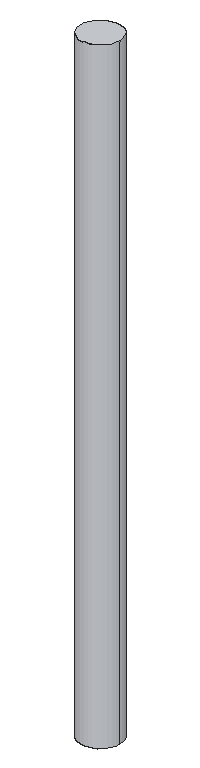
Revit family "3191c04fad4c4b8d84ebfbfdb5eefda5", category Balusters, Revit 2021
Family settings
  OmniClass Number = 23.30.80.11.11.14
  OmniClass Title = Posts, Newel Posts, Pickets
  Seek Item ID = Post - Round-0000-USA-ENU
  Always vertical = Yes
  Cut with Voids When Loaded = No
  Shared = No
Parameters (values of type "2 1/4"")
  built-in parameter 1008623 [instance] = (empty or 0)
  built-in parameter 1008625 [instance] = (empty or 0)
  Radius = Width / 2  # 0' - 1 1/8"
  Post Material = none
  Width = 0' - 2 1/4"
  Post = yes
  built-in parameter 1008624 [instance] = (empty or 0)
  built-in parameter 1008622 [instance] = 3' - 0"
Types (5): name | Radius | Width
  (no name) | 0' - 1 1/8" | 0' - 2 1/4"
  1 1/4" | 0' - 0 5/8" | 0' - 1 1/4"
  2 1/4" | 0' - 1 1/8" | 0' - 2 1/4"
  4 1/4" | 0' - 2 1/8" | 0' - 4 1/4"
  6 1/4" | 0' - 3 1/8" | 0' - 6 1/4"
Reference planes (in)
  plane 1 "Center (Front/Back)": y = 0
  plane 2: z = 0
  plane 3 "Center (Left/Right)": x = 0
  plane 4 "Top": z = 36
Forms (in)
  Extrusion 1, solid, material <- "Post Material"
    sketch origin (0, 0, 0) x (1, 0, 0) y (0, 1, 0)
      loop
        circle (0, 0) r 1.125
    from 0 to 36
Dimensions and locks (in)
  "built-in parameter 1008622": plane 2 to plane 4 "Top"
  "Radius": radius of Extrusion 1 sketch curve
  aligned and locked: Extrusion 1 to level
  aligned and locked: Extrusion 1 to plane 4 "Top"
Automatic sketch dimensions
  Extrusion 1 sketch curve to plane 1 "Center (Front/Back)" = 0' - 0"
  Extrusion 1 sketch curve to plane 3 "Center (Left/Right)" = 0' - 0"
